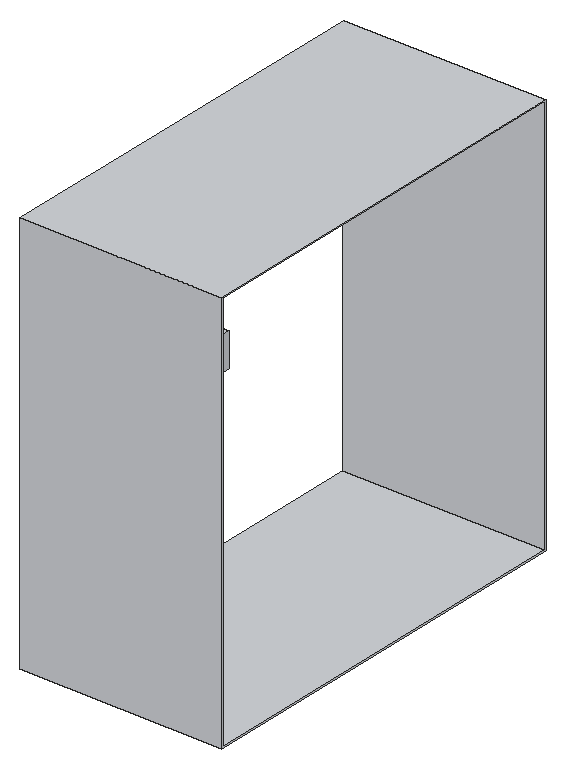
Revit family "RWS", category Duct Accessories, Revit 2022
Family settings
  Round Connector Dimension = Use Diameter
  Part Type = Attaches To
  Work Plane-Based = Yes
  Always vertical = Yes
  Cut with Voids When Loaded = No
  Shared = No
Parameters
  Width [instance] = 1' - 0"
  TS_Point_Description [instance] = "RWS"
  Length [instance] = 0' - 6"
  Height [instance] = 1' - 0"
  GTP_PointRole_0 [instance] = ""
  GTP_PointNumber_0 [instance] = ""
  GTP_PointElement_0 [instance] = ""
  GTP_LinkedParam_0 [instance] = "GTP_PointNumber_0"
  Default Elevation = 4' - 0"
Reference planes (in)
  plane 1 "Center (Front/Back)": y = 0
  plane 2: z = 0
  plane 3 "Center (Left/Right)": x = 0
  plane 4: x = 6
Forms (in)
  Extrusion 1, solid
    sketch origin (0, 0, 0) x (0, 1, 0) y (0, 0, 1)
      loop
        line (-6, 6) -> (-6, -6) -> (6, -6) -> (6, 6) -> (-6, 6)
      loop
        line (-5.96875, 5.96875) -> (-5.96875, -5.96875) -> (5.96875, -5.96875) -> (5.96875, 5.96875) -> (-5.96875, 5.96875)
    from 0 to 6
Dimensions and locks (in)
  locked: Extrusion 1 sketch curve to Extrusion 1 sketch curve at 0.03125  (x4)
  equal spacing: Extrusion 1 sketch curve, nested 1, Extrusion 1 sketch curve  (x2)
  "Width": Extrusion 1 sketch curve to Extrusion 1 sketch curve
  "Height": Extrusion 1 sketch curve to Extrusion 1 sketch curve
  "Length": plane 3 "Center (Left/Right)" to plane 4
  aligned and locked: plane 2 to level
  aligned and locked: plane 4 to Extrusion 1
  aligned and locked: plane 1 "Center (Front/Back)" to nested 1
  aligned and locked: level to nested 1
  aligned and locked: nested 1 to plane 3 "Center (Left/Right)"
Nested families (in)
  nested 1: "GTP" at (0.5, 0, 0), PointNumber <- "GTP_PointNumber_0", PointRole <- "GTP_PointRole_0", PointElement <- "GTP_PointElement_0", LinkedParam <- "GTP_LinkedParam_0", PointDescription <- "TS_Point_Description", type "Generic Pt"
    with PointRole "", PointNumber "", PointElement "", PointDescription "RWS", LinkedParam "GTP_PointNumber_0"
Definition of nested family "GTP"
  Parameters (values of type "Generic Pt")
    URL = ""
    PointRole [instance] = "Stake Out"
    PointNumber [instance] = ""
    PointElement [instance] = ""
    PointDescription [instance] = "Generic Pt"
    Manufacturer = "Autodesk Inc."
    LinkedParam [instance] = ""
    Default Elevation = 0' - 0"
  Reference planes (in)
    plane 1 "Center (Front/Back)": y = 0
    plane 2: z = 0
    plane 3 "Center (Left/Right)": x = 0
  Forms (in)
    Extrusion 1, solid, detail levels medium+fine
      sketch origin (0, 0, 0) x (1, 0, 0) y (0, 1, 0)
        loop
          line (0.5, -0.5) -> (0.5, 0.5) -> (-0.5, 0.5) -> (-0.5, -0.5) -> (0.5, -0.5)
      from -0.5 to 0.5
  Lines and regions (in)
    model lines, detail levels coarse+medium
      curve 1: line (0, 0.5, 0) -> (0, 0, 0)
      curve 2: line (-0.5, 0, 0) -> (0, 0, 0)
      curve 3: line (0, 0, -0.5) -> (0, 0, 0)
      curve 4: line (0, 0, 0) -> (0.5, 0, 0)
      curve 5: line (0, 0, 0) -> (0, -0.5, 0)
      curve 6: line (0, 0, 0) -> (0, 0, 0.5)
